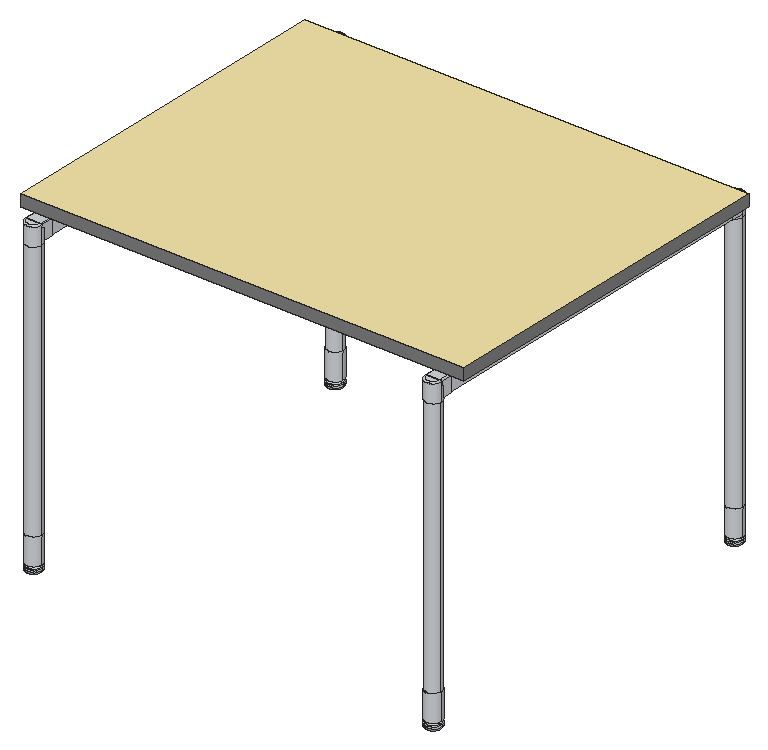
Revit family "Klik", category Furniture, Revit 2015
Parameters (values of type "Klik 2531 - Table top A10")
  Width = 800 mm
  Uniclass 2.0 Description = ""
  Uniclass 2.0 Code = ""
  Uniclass 1.4 Description = ""
  Uniclass 1.4 Code = ""
  URL = "www.isku.fi"
  UNSPSC Code = ""
  Talo 2000 Hankenimike = ""
  Table top  type = Table top A : A10
  Table thickness = 26 mm
  Table legs = klik 2531 leg : 2531 For A tops
  Table height = 730 mm
  Table colour [instance] = Paint - white
  ProdLibID = ""
  NBS Reference Description = ""
  NBS Reference Code = ""
  Material frame [instance] = Steel, chrome
  Manufacturer = "Isku Oy"  # constant formula
  Length = 1000 mm
  Leg distance in x direction = 900 mm
  IFC Classification = ""
  EAN Code = ""
  COBIe Type Category = ""
  Author = "ProdLib Oy"  # constant formula
Types (13, lengths in mm): name | Width | Table top  type | Table legs | Length | Leg distance in x direction
  (no name) | 800 | Table top A : A10 | klik 2531 leg : 2531 For A tops | 1000 | 900
  Klik 2531 - Table top A12 | 800 | Table top A : A12 | klik 2531 leg : 2531 For A tops | 1200 | 1100
  Klik 2531 - Table top A14 | 800 | Table top A : A14 | klik 2531 leg : 2531 For A tops | 1400 | 1300
  Klik 2531 - Table top A16 | 800 | Table top A : A16 | klik 2531 leg : 2531 For A tops | 1600 | 1500
  Klik 2531 - Table top A10 | 800 | Table top A : A10 | klik 2531 leg : 2531 For A tops | 1000 | 900
  Klik 2531 - Table top B10 | 600 | Table top B : B10 | klik 2531 leg : 2531 For B tops | 1000 | 900
  Klik 2531 - Table top B12 | 600 | Table top B : B12 | klik 2531 leg : 2531 For B tops | 1200 | 1100
  Klik 2531 - Table top B14 | 600 | Table top B : B14 | klik 2531 leg : 2531 For B tops | 1400 | 1300
  Klik 2531 - Table top B16 | 600 | Table top B : B16 | klik 2531 leg : 2531 For B tops | 1600 | 1500
  Klik 2531 - Table top C10 | 600 | Table top C : C10 | klik 2531 leg : 2531 For C tops | 1000 | 900
  Klik 2531 - Table top C12 | 600 | Table top C : C12 | klik 2531 leg : 2531 For C tops | 1200 | 1100
  Klik 2531 - Table top C14 | 600 | Table top C : C14 | klik 2531 leg : 2531 For C tops | 1400 | 1300
  Klik 2531 - Table top C16 | 600 | Table top C : C16 | klik 2531 leg : 2531 For C tops | 1600 | 1500
Reference planes
  plane 1 "Center (Front/Back)": y = 0
  plane 2: z = 0
  plane 3 "Center (Left/Right)": x = 0
  plane 4: z = 730
  plane 5: z = 704
  plane 6: x = -500
  plane 7: x = 500
  plane 8: y = 400
  plane 9: y = -400
  plane 10: x = -450
  plane 11: x = 450
Lines and regions (mm)
  symbolic lines
    curve 1: line (500, 400, 0) -> (-500, 400, 0)
    curve 2: line (-500, 400, 0) -> (-500, -400, 0)
    curve 3: line (-500, -400, 0) -> (500, -400, 0)
    curve 4: line (500, -400, 0) -> (500, 400, 0)
    curve 5: arc (-431.999, 424.458, 0) -> (-450, 442.459, 0) -> (-468.001, 424.458, 0) r 18.001
    curve 6: arc (-468.001, 424.458, 0) -> (-450, 406.457, 0) -> (-431.999, 424.458, 0) r 18.001
    curve 7: arc (468.001, 424.458, 0) -> (450, 442.459, 0) -> (431.999, 424.458, 0) r 18.001
    curve 8: arc (431.999, 424.458, 0) -> (450, 406.457, 0) -> (468.001, 424.458, 0) r 18.001
    curve 9: arc (431.999, -424.458, 0) -> (450, -442.459, 0) -> (468.001, -424.458, 0) r 18.001
    curve 10: arc (468.001, -424.458, 0) -> (450, -406.457, 0) -> (431.999, -424.458, 0) r 18.001
    curve 11: arc (-431.999, -424.458, 0) -> (-450, -406.457, 0) -> (-468.001, -424.458, 0) r 18.001
    curve 12: arc (-468.001, -424.458, 0) -> (-450, -442.459, 0) -> (-431.999, -424.458, 0) r 18.001
    curve 13: line (-468.001, -424.458, 0) -> (-468.001, -400, 0)
    curve 14: line (-431.999, -424.458, 0) -> (-431.999, -400, 0)
    curve 15: line (-468, 400, 0) -> (-468, 424.276, 0)
    curve 16: line (-432, 400, 0) -> (-432, 420, 0)
    curve 17: line (468, 400, 0) -> (468, 424.276, 0)
    curve 18: line (468.001, -424.458, 0) -> (468.001, -400, 0)
    curve 19: line (432, -400, 0) -> (432, -424.64, 0)
    curve 20: line (431.999, 424.458, 0) -> (431.999, 400, 0)
Dimensions and locks
  "Table height": plane 4 to level
  "Table thickness": plane 4 to plane 5
  equal spacing: plane 8, plane 1 "Center (Front/Back)", plane 9
  "Width": plane 8 to plane 9
  equal spacing: plane 6, plane 3 "Center (Left/Right)", plane 7
  "Length": plane 6 to plane 7
  equal spacing: plane 10, plane 3 "Center (Left/Right)", plane 11
  "Leg distance in x direction": plane 10 to plane 11
  aligned and locked: level to plane 2
  aligned and locked: plane 10 to nested 1
  aligned and locked: plane 11 to nested 2
  aligned and locked: nested 1 to plane 1 "Center (Front/Back)"
  aligned and locked: nested 2 to plane 1 "Center (Front/Back)"
  aligned and locked: plane 3 "Center (Left/Right)" to nested 3
  aligned and locked: plane 1 "Center (Front/Back)" to nested 3
  aligned and locked: plane 4 to nested 3
  aligned and locked: curve 1 to nested 3
  aligned and locked: curve 2 to nested 3
  aligned and locked: curve 3 to nested 3
  aligned and locked: curve 4 to nested 3
  aligned and locked: curve 5 to nested 1
  aligned and locked: curve 6 to nested 1
  aligned and locked: curve 7 to nested 2
  aligned and locked: curve 8 to nested 2
  aligned and locked: curve 9 to nested 2
  aligned and locked: curve 10 to nested 2
  aligned and locked: curve 11 to nested 1
  aligned and locked: curve 12 to nested 1
Automatic sketch dimensions
  curve 5 to curve 15 = 0.001 mm
  curve 16 to curve 6 = 0.001 mm
  curve 9 to curve 19 = 0.001 mm
  curve 17 to curve 8 = 0.001 mm
  curve 16 to curve 6 = 4.458 mm
Nested families
  nested 1: "klik 2531 leg" at (-450, 0, 0) x (0, 1, 0) z (0, 0, 1), type <- "Table legs", type "2531 For A tops"
    with Leg width 885.519 mm
  nested 2: "klik 2531 leg" at (450, 0, 0) x (0, 1, 0) z (0, 0, 1), type <- "Table legs", type "2531 For A tops"
    with Leg width 885.519 mm
  nested 3: "Table top A" at (0, 0, 704), type <- "Table top  type", type "A10"
    with Rectangle length 1000 mm
Definition of nested family "klik 2531 leg"
  Parameters
    Uniclass 2.0 Description = ""
    Uniclass 2.0 Code = ""
    Uniclass 1.4 Description = ""
    Uniclass 1.4 Code = ""
    URL = "www.isku.fi"
    UNSPSC Code = ""
    Talo 2000 Hankenimike = ""
    ProdLibID = ""
    NBS Reference Description = ""
    NBS Reference Code = ""
    Manufacturer = "Isku Oy"  # constant formula
    Leg width = 584 mm
    IFC Classification = ""
    EAN Code = ""
    COBIe Type Category = ""
    Author = "ProdLib Oy"  # constant formula
  Reference planes
    plane 1 "Center (Front/Back)": y = 0
    plane 2: z = 0
    plane 3 "Center (Left/Right)": x = 0
    plane 4: z = 704.428
    plane 5: x = -292
    plane 6: x = 292
  Forms (mm)
    Extrusion 1, solid
      sketch origin (-423.385, 0, 0) x (1, 0, 0) y (0, 0, 1)
        loop
          line (177.154, 704.428) -> (177.154, 669.428) -> (681.541, 669.428) -> (681.541, 704.428) -> (177.154, 704.428)
      from -18 to 18
  Dimensions and locks
    locked: plane 5 to Extrusion 1 at 45.769
    locked: Extrusion 1 to plane 6 at 33.844
    equal spacing: plane 6, plane 3 "Center (Left/Right)", plane 5
    "Leg width": plane 6 to plane 5
    aligned and locked: level to plane 2
    aligned and locked: plane 5 to nested 1
    aligned and locked: nested 2 to plane 6
  Automatic sketch dimensions
    Extrusion 1 sketch curve to plane 4 = 0 mm
    plane 5 to Extrusion 1 sketch curve = 45.769 mm
    Extrusion 1 sketch curve to plane 6 = 33.844 mm
    Extrusion 1 sketch curve to plane 4 = 35 mm
  Nested families
    nested 1: "Family4" at (-292, 0, 0), type "Family4"
    nested 2: "Family4" at (292, 0, 0) x (-1, 0, 0) z (0, 0, 1), type "Family4"
  Definition of nested family "Family4"
    Parameters
      Uniclass 2.0 Description = ""
      Uniclass 2.0 Code = ""
      Uniclass 1.4 Description = ""
      Uniclass 1.4 Code = ""
      URL = "www.isku.fi"
      UNSPSC Code = ""
      Talo 2000 Hankenimike = ""
      ProdLibID = ""
      NBS Reference Description = ""
      NBS Reference Code = ""
      Manufacturer = "Isku Oy"  # constant formula
      IFC Classification = ""
      EAN Code = ""
      COBIe Type Category = ""
      Author = "ProdLib Oy"  # constant formula
    Reference planes
      plane 1 "Center (Front/Back)": y = 0
      plane 2: z = 0
      plane 3 "Center (Left/Right)": x = 0
    Forms (mm)
      Revolve 1, solid
        sketch origin (18.302, 0, 0) x (0, 1, 0) y (0, 0, 1)
          loop
            line (0, 0) -> (13.324, 0)
            arc (13.324, 0) -> (16.849, 1.46) -> (18.309, 4.985) r 4.985
            line (18.309, 4.985) -> (18.309, 9.003)
            arc (18.309, 9.003) -> (17.998, 9.857) -> (17.211, 10.311) r 1.329
            line (17.211, 10.311) -> (7.31, 12.191) -> (0, 12.191) -> (0, 0)
          axis (0, 12.191) -> (0, 0)
        angle from 0 to 360
      Extrusion 2, solid
        sketch origin (18.302, 0, 0) x (1, 0, 0) y (0, 1, 0)
          loop
            line (27.467, 18) -> (-0.033, 18) -> (-0.033, -18) -> (27.467, -18) -> (27.467, 18)
        from 668.428 to 701.928
      Extrusion 3, solid
        sketch origin (18.302, 0, 0) x (0, 1, 0) y (0, 0, 1)
          loop
            arc (18, 701.928) -> (17.268, 703.696) -> (15.5, 704.428) r 2.5
            line (15.5, 704.428) -> (-15.5, 704.428)
            arc (-15.5, 704.428) -> (-17.268, 703.696) -> (-18, 701.928) r 2.5
            line (-18, 701.928) -> (18, 701.928)
        from 0 to 27.467
      Revolve 4, solid
        sketch origin (18.302, 0, 0) x (0, 1, 0) y (0, 0, 1)
          loop
            line (-18.001, 701.928) -> (0, 701.928) -> (0, 704.428) -> (-15.5, 704.428)
            arc (-15.5, 704.428) -> (-17.268, 703.696) -> (-18.001, 701.928) r 2.501
          axis (0, 704.428) -> (0, 701.928)
        angle from 0 to 180
      Sweep 5, solid
        path origin (441.686, 0, 0) x (1, 0, 0) y (0, 0, 1)
          loop
            line (-423.385, 75.928) -> (-423.385, 661.928)
        profile origin (18.302, 0, 368.928) x (-1, 0, 0) y (0, -1, 0)
          loop
            circle (0, 0) r 17.211
      Sweep 6, solid
        path origin (441.686, 0, 0) x (1, 0, 0) y (0, 0, 1)
          loop
            line (-423.385, 701.927) -> (-423.385, 661.928)
        profile origin (18.302, 0, 681.928) x (0, -1, 0) y (1, 0, 0)
          loop
            circle (0, 0) r 18.001
      Sweep 7, solid
        path origin (441.686, 0, 0) x (1, 0, 0) y (0, 0, 1)
          loop
            line (-423.385, 75.928) -> (-423.385, 16.928)
        profile origin (18.302, 0, 46.428) x (0, -1, 0) y (1, 0, 0)
          loop
            circle (0, 0) r 18.001
      Sweep 8, solid
        path origin (441.686, 0, 0) x (1, 0, 0) y (0, 0, 1)
          loop
            line (-423.385, 12.191) -> (-423.385, 16.928)
        profile origin (18.302, 0, 14.56) x (-1, 0, 0) y (0, -1, 0)
          loop
            circle (0, 0) r 7.31
    Dimensions and locks
      aligned and locked: level to plane 2
      aligned and locked: Extrusion 3 to Revolve 4
Definition of nested family "Table top A"
  Parameters
    Uniclass 2.0 Description = ""
    Uniclass 2.0 Code = ""
    Uniclass 1.4 Description = ""
    Uniclass 1.4 Code = ""
    URL = "www.isku.fi"
    UNSPSC Code = ""
    Talo 2000 Hankenimike = ""
    Table side colour [instance] = none
    Table cover [instance] = none
    Rectangle width = 800 mm
    Rectangle length = 2000 mm
    ProdLibID = ""
    NBS Reference Description = ""
    NBS Reference Code = ""
    Manufacturer = "Isku Oy"  # constant formula
    IFC Classification = ""
    EAN Code = ""
    COBIe Type Category = ""
    Author = "ProdLib Oy"  # constant formula
  Reference planes
    plane 1 "Center (Front/Back)": y = 0
    plane 2: z = 0
    plane 3 "Center (Left/Right)": x = 0
    plane 4: x = -1000
    plane 5: x = 1000
    plane 6: y = 400
    plane 7: y = -400
    plane 8: z = 26
    plane 9: y = 400
    plane 10: y = -400
  Forms (mm)
    Extrusion 1, solid, material <- "Table cover"
      sketch origin (0, 0, 0) x (1, 0, 0) y (0, 1, 0)
        loop
          line (-1000, 400) -> (-1000, -400) -> (1000, -400) -> (1000, 400) -> (-1000, 400)
      from 0 to 26
  Dimensions and locks
    locked: plane 8 to level at 26
    equal spacing: plane 4, plane 3 "Center (Left/Right)", plane 5
    "Rectangle length": plane 4 to plane 5
    equal spacing: plane 7, plane 1 "Center (Front/Back)", plane 6
    "Rectangle width": plane 6 to plane 7
    equal spacing: plane 9, plane 1 "Center (Front/Back)", plane 10
    plane 9 to plane 10 = 800 mm
    aligned and locked: level to plane 2
    aligned and locked: Extrusion 1 sketch curve to plane 6
    aligned and locked: plane 4 to Extrusion 1 sketch curve
    aligned and locked: Extrusion 1 sketch curve to plane 7
    aligned and locked: plane 5 to Extrusion 1 sketch curve
    aligned and locked: Extrusion 1 to level
